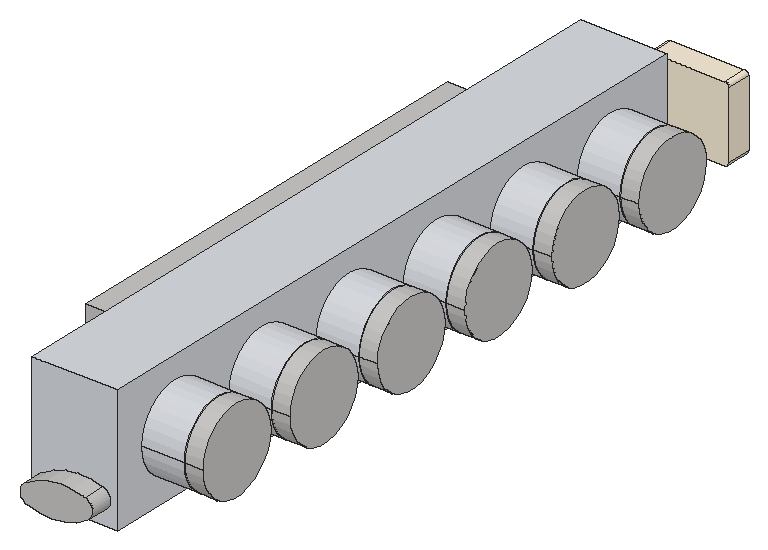
Revit family "HVAC_Ductwork_Airzone_Motorized-Plenum_Fujitsu_Standard_6-Dampers", category Mechanical Equipment, Revit 2016
Family settings
  Part Type = Normal
  Round Connector Dimension = Use Diameter
  OmniClass Number = 23.75.70.14
  OmniClass Title = Air Ductwork
  Work Plane-Based = No
  Always vertical = Yes
  Cut with Voids When Loaded = No
  Shared = No
  Room Calculation Point = No
Parameters (values of type "FUJST01M6")
  Voltage = 230 V
  URL = "www.airzone.es"
  Type Image Comments = "Image available in product documentation download"  # constant formula
  Revit Model Version = "1.0"  # constant formula
  Revit Model Author URL = "www.a3d.es"
  Revit Model Author = "A3D Consulting"  # constant formula
  Product Documentation Download URL = "http://doc.airzone.es/BIM/Easyzone/Fujitsu-Airzone_motorized_plenum.zip"
  Product Comments = "Refer to technical documentation for further details"  # constant formula
  Power Factor = 1
  Neck Width = 1079.500 mm
  Neck Length = 95.000 mm
  Neck Height = 198.600 mm
  Material = Metal - AIRZONE - Galvanized Sheet - Semi-polished
  Main Control Board Material = Plastic - AIRZONE - Smooth - Off-white
  Load Classification = Other
  Insulated Body Width = 205.000 mm  # constant formula
  Insulated Body Material = Metal -AIRZONE - Insulating Lining -Aluminum Finish
  Insulated Body Length = 1638.600 mm  # constant formula
  Insulated Body Height = 300.000 mm  # constant formula
  Flow [instance] = Damper 6 Air Flow + Damper 5 Air Flow + Damper 4 Air Flow + Damper 3 Air Flow + Damper 2 Air Flow + Damper 1 Air Flow - Fresh Air Inlet 2 Flow - Fresh Air Inlet 1 Flow  # 1800 m³/h
  Fresh Air Inlet 1 Flow [instance] = 0 m³/h
  Fresh Air Inlet 2 Flow [instance] = 0 m³/h
  Fresh Air Inlet Connection Width = 175.000 mm
  Fresh Air Inlet Connection Height = 75.000 mm
  Model = "FUJST01M6"
  Neck Side Offset = 279.600 mm
  Neck Bottom Offset = 58.200 mm
  Type Image = <None>
  Manufacturer = "AIRZONE"  # constant formula
  Main Control Board Depth = 57.000 mm  # constant formula
  Main Control Board Width = 195.000 mm  # constant formula
  Main Control Board Height = 180.000 mm  # constant formula
  Fixing = ""
  Disclaimer = "All information provided in this model is reviewed before being published. However, Airzone cannot guarantee this model is error-free, therefore users are strongly encouraged to check for technical documentation and updates"  # constant formula
  Description = "Airzone standard motorized plenum with neck that mechanically adapts to the main ducted AC units of Fujitsu."
  Type Comments = ""
  Dampers Length = 149.000 mm  # constant formula
  Dampers Diameter = 200.000 mm  # constant formula
  Damper 6 Air Flow [instance] = 300 m³/h
  Damper 5 Air Flow [instance] = 300 m³/h
  Damper 4 Air Flow [instance] = 300 m³/h
  Damper 1 Air Flow [instance] = 300 m³/h
  Damper 2 Air Flow [instance] = 300 m³/h
  Damper 3 Air Flow [instance] = 300 m³/h
  Fresh Air Inlet Connection Offset Height = 48.305 mm  # constant formula
  Compatible Accesories = ""
  Apparent Load = 57.5 VA
Types (4, lengths in mm): name | Neck Width | Neck Height | Model | Neck Side Offset | Neck Bottom Offset
  FUJST03L6 | 1165.600 | 220.600 | "FUJST03L6" | 301.500 | 46.200
  FUJST03M6 | 765.600 | 220.600 | "FUJST03M6" | 501.500 | 46.200
  FUJST01L6 | 1079.500 | 198.600 | "FUJST01L6" | 279.600 | 58.200
  FUJST01M6 | 1079.500 | 198.600 | "FUJST01M6" | 279.600 | 58.200
Reference planes
  plane 1 "Center (Front/Back)": y = 0
  plane 2 "Center (Elevation)": z = 0
  plane 3 "Center (Left/Right)": x = 0
  plane 4 "Neck Back": y = 539.75
  plane 5 "Neck Front": y = -539.75
  plane 6 "Neck Top": z = 99.3
  plane 7 "Neck Bottom": z = -99.3
  plane 8 "Left": x = 95
  plane 9 "Bottom": z = -157.5
  plane 10 "Top": z = 142.5
  plane 11 "Front": y = -819.25
  plane 12 "Back": y = 819.35
  plane 13 "Right": x = 300
  plane 14 "Dampers Front": x = 449
  plane 15 "Dampers Center (Elevation)": z = -7.5
  plane 16 "Damper3": y = 130.05
  plane 17 "Damper2": y = 390.05
  plane 18 "Damper1": y = 650.05
  plane 19 "Middle": y = 0.05
  plane 20 "FreshAir Center (Elevation)": z = -109.195
  plane 21 "FreshAir1": y = 871.85
  plane 22 "FreshAir2": y = -871.75
  plane 23 "Dampers Lining": x = 404
  plane 24 "FreshAir Vertical Axis": x = 195.83
  plane 25 "ConnectionBox Side": x = 254
  plane 26 "Main Control Board Center (Left/Right)": x = 351.5
  plane 27 "Damper4": y = -129.95
  plane 28 "Damper5": y = -389.95
  plane 29 "Damper6": y = -649.95
Forms (mm)
  Extrusion 1, solid, material "Metal - AIRZONE - Galvanized Sheet - Semi-polished" <- "Material"
    sketch origin (0, 0, 0) x (0, 1, 0) y (0, 0, 1)
      loop
        line (-539.75, 99.3) -> (-539.75, -99.3) -> (539.75, -99.3) -> (539.75, 99.3) -> (-539.75, 99.3)
    from 0 to 95
  Extrusion 2, solid, material "Metal -AIRZONE - Insulating Lining -Aluminum Finish" <- "Insulated Body Material"
    sketch origin (95, 0, 0) x (0, 1, 0) y (0, 0, 1)
      loop
        line (-819.25, 142.5) -> (-819.25, -157.5) -> (819.35, -157.5) -> (819.35, 142.5) -> (-819.25, 142.5)
    from 0 to 205
  Extrusion 3, solid, material "Metal - AIRZONE - Galvanized Sheet - Semi-polished" <- "Material"
    sketch origin (300, 0, 0) x (0, 1, 0) y (0, 0, 1)
      loop
        circle (130.05, -7.5) r 100
    from 104 to 149
  Extrusion 4, solid, material "Metal - AIRZONE - Galvanized Sheet - Semi-polished" <- "Material"
    sketch origin (300, 0, 0) x (0, 1, 0) y (0, 0, 1)
      loop
        circle (390.05, -7.5) r 100
    from 104 to 149
  Extrusion 5, solid, material "Metal - AIRZONE - Galvanized Sheet - Semi-polished" <- "Material"
    sketch origin (300, 0, 0) x (0, 1, 0) y (0, 0, 1)
      loop
        circle (650.05, -7.5) r 100
    from 104 to 149
  Extrusion 6, solid, material "Metal - AIRZONE - Galvanized Sheet - Semi-polished" <- "Material"
    sketch origin (0, -819.25, 0) x (0, 0, 1) y (1, 0, 0)
      loop
        arc (-76.641, 265.204) -> (-98.108, 282.105) -> (-122.812, 270.434) r 25.96
        arc (-122.812, 270.434) -> (-148.802, 200.598) -> (-141.349, 126.456) r 164.67
        arc (-141.349, 126.456) -> (-120.165, 109.589) -> (-95.494, 120.751) r 25.96
        arc (-95.494, 120.751) -> (-69.225, 190.78) -> (-76.641, 265.204) r 164.67
    from 0 to -52.5
  Extrusion 7, solid, material "Metal - AIRZONE - Galvanized Sheet - Semi-polished" <- "Material"
    sketch origin (0, 819.35, 0) x (0, 0, 1) y (1, 0, 0)
      loop
        arc (-76.641, 265.204) -> (-97.825, 282.071) -> (-122.496, 270.909) r 25.96
        arc (-122.496, 270.909) -> (-148.679, 201.53) -> (-141.767, 127.699) r 164.67
        arc (-141.767, 127.699) -> (-120.532, 109.637) -> (-95.178, 121.226) r 25.96
        arc (-95.178, 121.226) -> (-69.188, 191.062) -> (-76.641, 265.204) r 164.67
    from 0 to 52.5
  Extrusion 8, solid, material "Metal -AIRZONE - Insulating Lining -Aluminum Finish" <- "Insulated Body Material"
    sketch origin (300, 0, 0) x (0, 1, 0) y (0, 0, 1)
      loop
        circle (650.05, -7.5) r 100
    from 0 to 104
  Extrusion 9, solid, material "Metal -AIRZONE - Insulating Lining -Aluminum Finish" <- "Insulated Body Material"
    sketch origin (300, -260, 0) x (0, 1, 0) y (0, 0, 1)
      loop
        circle (650.05, -7.5) r 100
    from 0 to 104
  Extrusion 10, solid, material "Metal -AIRZONE - Insulating Lining -Aluminum Finish" <- "Insulated Body Material"
    sketch origin (300, -520, 0) x (0, 1, 0) y (0, 0, 1)
      loop
        circle (650.05, -7.5) r 100
    from 0 to 104
  Extrusion 11, solid, material "Metal - AIRZONE - Galvanized Sheet - Semi-polished" <- "Material"
    sketch origin (300, -190, 0) x (0, 1, 0) y (0, 0, 1)
      loop
        circle (60.05, -7.5) r 100
    from 104 to 149
  Extrusion 12, solid, material "Metal -AIRZONE - Insulating Lining -Aluminum Finish" <- "Insulated Body Material"
    sketch origin (300, -710, 0) x (0, 1, 0) y (0, 0, 1)
      loop
        circle (580.05, -7.5) r 100
    from 0 to 104
  Extrusion 13, solid, material "Metal -AIRZONE - Insulating Lining -Aluminum Finish" <- "Insulated Body Material"
    sketch origin (300, -970, 0) x (0, 1, 0) y (0, 0, 1)
      loop
        circle (580.05, -7.5) r 100
    from 0 to 104
  Extrusion 14, solid, material "Metal - AIRZONE - Galvanized Sheet - Semi-polished" <- "Material"
    sketch origin (300, -450, 0) x (0, 1, 0) y (0, 0, 1)
      loop
        circle (60.05, -7.5) r 100
    from 104 to 149
  Extrusion 15, solid, material "Metal -AIRZONE - Insulating Lining -Aluminum Finish" <- "Insulated Body Material"
    sketch origin (300, -1230, 0) x (0, 1, 0) y (0, 0, 1)
      loop
        circle (580.05, -7.5) r 100
    from 0 to 104
  Extrusion 16, solid, material "Metal - AIRZONE - Galvanized Sheet - Semi-polished" <- "Material"
    sketch origin (300, -710, 0) x (0, 1, 0) y (0, 0, 1)
      loop
        circle (60.05, -7.5) r 100
    from 104 to 149
Lines and regions (mm)
  Masking region 1
    outline origin (0, 0, 0) x (1, 0, 0) y (0, 1, 0)
      loop
        line (95, 819.35) -> (95, -819.25) -> (300, -819.25) -> (300, 819.35) -> (95, 819.35)
  Masking region 2, detail levels medium+fine
    outline origin (0, 0, 0) x (1, 0, 0) y (0, 1, 0)
      loop
        line (0, 539.75) -> (0, -539.75) -> (95, -539.75) -> (95, 539.75) -> (0, 539.75)
  Masking region 3, detail levels medium+fine
    outline origin (0, 0, 0) x (1, 0, 0) y (0, 1, 0)
      loop
        line (300, 230.05) -> (300, 30.05) -> (449, 30.05) -> (449, 230.05) -> (300, 230.05)
  Masking region 4, detail levels medium+fine
    outline origin (0, 260, 0) x (1, 0, 0) y (0, 1, 0)
      loop
        line (300, 230.05) -> (300, 30.05) -> (449, 30.05) -> (449, 230.05) -> (300, 230.05)
  Masking region 5, detail levels medium+fine
    outline origin (0, 520, 0) x (1, 0, 0) y (0, 1, 0)
      loop
        line (300, 230.05) -> (300, 30.05) -> (449, 30.05) -> (449, 230.05) -> (300, 230.05)
  Masking region 6, detail levels medium+fine
    outline origin (0, 0, -109.195) x (1, 0, 0) y (0, 1, 0)
      loop
        line (108.33, 871.85) -> (108.33, 819.35) -> (283.33, 819.35) -> (283.33, 871.85) -> (108.33, 871.85)
  Masking region 7, detail levels medium+fine
    outline origin (0, 0, -109.195) x (1, 0, 0) y (0, 1, 0)
      loop
        line (108.33, -819.25) -> (108.33, -871.75) -> (283.33, -871.75) -> (283.33, -819.25) -> (108.33, -819.25)
  Masking region 8, detail levels medium+fine
    outline origin (0, 0, 142.5) x (0, -1, 0) y (1, 0, 0)
      loop
        line (-876.35, 254) -> (-819.35, 254) -> (-819.35, 449) -> (-876.35, 449) -> (-876.35, 254)
  Masking region 9, detail levels medium+fine
    outline origin (0, -190, 0) x (1, 0, 0) y (0, 1, 0)
      loop
        line (300, 160.05) -> (300, -39.95) -> (449, -39.95) -> (449, 160.05) -> (300, 160.05)
  Masking region 10, detail levels medium+fine
    outline origin (0, -450, 0) x (1, 0, 0) y (0, 1, 0)
      loop
        line (300, 160.05) -> (300, -39.95) -> (449, -39.95) -> (449, 160.05) -> (300, 160.05)
  Masking region 11, detail levels medium+fine
    outline origin (0, -710, 0) x (1, 0, 0) y (0, 1, 0)
      loop
        line (300, 160.05) -> (300, -39.95) -> (449, -39.95) -> (449, 160.05) -> (300, 160.05)
  symbolic lines, detail levels coarse
    curve 1: line (95, -819.25, 0) -> (300, 130.05, 0)
    curve 2: line (300, 130.05, 0) -> (95, 819.35, 0)
Dimensions and locks
  equal spacing: plane 4 "Neck Back", plane 1 "Center (Front/Back)", plane 5 "Neck Front"
  "Neck Width": plane 4 "Neck Back" to plane 5 "Neck Front"
  equal spacing: plane 6 "Neck Top", level, plane 7 "Neck Bottom"
  "Neck Height": plane 6 "Neck Top" to plane 7 "Neck Bottom"
  "Neck Length": plane 3 "Center (Left/Right)" to plane 8 "Left"
  "Neck Bottom Offset": plane 7 "Neck Bottom" to plane 9 "Bottom"
  "Insulated Body Height": plane 10 "Top" to plane 9 "Bottom"
  "Insulated Body Length": plane 12 "Back" to plane 11 "Front"
  "Insulated Body Width": plane 8 "Left" to plane 13 "Right"
  "Dampers Length": plane 13 "Right" to plane 14 "Dampers Front"
  equal spacing: plane 10 "Top", plane 15 "Dampers Center (Elevation)", plane 9 "Bottom"
  equal spacing: plane 12 "Back", plane 19 "Middle", plane 11 "Front"
  plane 8 "Left" to plane 13 "Right" = 205.000 mm
  "Fresh Air Inlet Connection Offset Height": plane 20 "FreshAir Center (Elevation)" to plane 9 "Bottom"
  locked: Extrusion 6 sketch curve to plane 9 "Bottom" at 56.47
  locked: plane 13 "Right" to Extrusion 6 sketch curve at 43.69
  locked: plane 13 "Right" to Extrusion 6 sketch curve at 164.65
  locked: Extrusion 6 sketch curve to plane 9 "Bottom" at 40.54
  locked: plane 13 "Right" to Extrusion 6 sketch curve at 87.91
  locked: plane 9 "Bottom" to Extrusion 6 sketch curve at 75.01
  locked: plane 13 "Right" to Extrusion 6 sketch curve at 120.43
  locked: Extrusion 6 sketch curve to plane 9 "Bottom" at 172.02
  locked: plane 13 "Right" to Extrusion 7 sketch curve at 43.69
  locked: Extrusion 7 sketch curve to plane 9 "Bottom" at 56.47
  locked: Extrusion 7 sketch curve to plane 9 "Bottom" at 40.54
  locked: plane 13 "Right" to Extrusion 7 sketch curve at 164.65
  locked: plane 13 "Right" to Extrusion 7 sketch curve at 120.43
  locked: Extrusion 7 sketch curve to plane 9 "Bottom" at 172.02
  locked: plane 9 "Bottom" to Extrusion 7 sketch curve at 75.01
  locked: plane 13 "Right" to Extrusion 7 sketch curve at 87.91
  "Neck Side Offset": plane 12 "Back" to plane 4 "Neck Back"
  locked: plane 21 "FreshAir1" to plane 12 "Back" at 52.5
  plane 11 "Front" to plane 22 "FreshAir2" = 52.500 mm
  locked: connector elem to plane 13 "Right" at 104.17
  locked: plane 20 "FreshAir Center (Elevation)" to connector elem
  locked: plane 13 "Right" to connector elem at 104.17
  locked: connector elem to plane 20 "FreshAir Center (Elevation)"
  locked: plane 23 "Dampers Lining" to plane 14 "Dampers Front" at 45
  locked: plane 24 "FreshAir Vertical Axis" to plane 13 "Right" at 104.17
  equal spacing: Masking region 3 sketch curve, plane 16 "Damper3", Masking region 3 sketch curve
  "Dampers Diameter": Masking region 3 sketch curve to Masking region 3 sketch curve
  "Dampers Diameter": Masking region 4 sketch curve to Masking region 4 sketch curve
  equal spacing: Masking region 5 sketch curve, plane 18 "Damper1", Masking region 5 sketch curve
  "Dampers Diameter": Masking region 5 sketch curve to Masking region 5 sketch curve
  equal spacing: Masking region 6 sketch curve, plane 24 "FreshAir Vertical Axis", Masking region 6 sketch curve
  "Fresh Air Inlet Connection Width": Masking region 6 sketch curve to Masking region 6 sketch curve
  equal spacing: Masking region 7 sketch curve, plane 24 "FreshAir Vertical Axis", Masking region 7 sketch curve
  "Fresh Air Inlet Connection Width": Masking region 7 sketch curve to Masking region 7 sketch curve
  "Main Control Board Depth": Masking region 8 sketch curve to plane 12 "Back"
  "Main Control Board Width": plane 25 "ConnectionBox Side" to plane 14 "Dampers Front"
  equal spacing: plane 25 "ConnectionBox Side", plane 26 "Main Control Board Center (Left/Right)", plane 14 "Dampers Front"
  locked: nested 1 to plane 10 "Top" at 10
  equal spacing: Masking region 4 sketch curve, plane 17 "Damper2", Masking region 4 sketch curve
  equal spacing: Masking region 9 sketch curve, plane 27 "Damper4", Masking region 9 sketch curve
  "Dampers Diameter": Masking region 9 sketch curve to Masking region 9 sketch curve
  plane 18 "Damper1" to plane 17 "Damper2" to plane 16 "Damper3" to plane 27 "Damper4" to plane 28 "Damper5" to plane 29 "Damper6" = 260.000 mm locked, 260.000 mm locked, 260.000 mm locked, 260.000 mm locked, 260.000 mm locked
  locked: plane 16 "Damper3" to plane 19 "Middle" at 130
  equal spacing: Masking region 10 sketch curve, plane 28 "Damper5", Masking region 10 sketch curve
  "Dampers Diameter": Masking region 10 sketch curve to Masking region 10 sketch curve
  equal spacing: Masking region 11 sketch curve, plane 29 "Damper6", Masking region 11 sketch curve
  "Dampers Diameter": Masking region 11 sketch curve to Masking region 11 sketch curve
  "Dampers Diameter": diameter of Extrusion 3 sketch curve
  "Dampers Diameter": diameter of Extrusion 4 sketch curve
  "Dampers Diameter": diameter of Extrusion 5 sketch curve
  radius of Extrusion 7 sketch curve = 164.670 mm  (x2)
  radius of Extrusion 7 sketch curve = 25.960 mm  (x2)
  radius of Extrusion 6 sketch curve = 164.670 mm  (x2)
  radius of Extrusion 6 sketch curve = 25.960 mm  (x2)
  "Dampers Diameter": diameter of Extrusion 8 sketch curve
  "Dampers Diameter": diameter of Extrusion 9 sketch curve
  "Dampers Diameter": diameter of Extrusion 10 sketch curve
  "Dampers Diameter": diameter of Extrusion 11 sketch curve
  "Dampers Diameter": diameter of Extrusion 12 sketch curve
  "Dampers Diameter": diameter of Extrusion 13 sketch curve
  "Dampers Diameter": diameter of Extrusion 14 sketch curve
  "Dampers Diameter": diameter of Extrusion 15 sketch curve
  "Dampers Diameter": diameter of Extrusion 16 sketch curve
  aligned and locked: level to plane 2 "Center (Elevation)"
  aligned and locked: plane 5 "Neck Front" to Extrusion 1 sketch curve
  aligned and locked: Extrusion 1 sketch curve to plane 6 "Neck Top"
  aligned and locked: Extrusion 1 sketch curve to plane 4 "Neck Back"
  aligned and locked: plane 7 "Neck Bottom" to Extrusion 1 sketch curve
  aligned and locked: Extrusion 1 to plane 3 "Center (Left/Right)"
  aligned and locked: Extrusion 2 sketch curve to plane 10 "Top"
  aligned and locked: Extrusion 2 sketch curve to plane 12 "Back"
  aligned and locked: Extrusion 2 sketch curve to plane 9 "Bottom"
  aligned and locked: plane 11 "Front" to Extrusion 2 sketch curve
  aligned and locked: Extrusion 2 to plane 13 "Right"
  aligned and locked: Extrusion 2 to plane 8 "Left"
  aligned and locked: plane 16 "Damper3" to Extrusion 3 sketch curve
  aligned and locked: plane 15 "Dampers Center (Elevation)" to Extrusion 3 sketch curve
  aligned and locked: plane 15 "Dampers Center (Elevation)" to Extrusion 4 sketch curve
  aligned and locked: plane 18 "Damper1" to Extrusion 5 sketch curve
  aligned and locked: plane 15 "Dampers Center (Elevation)" to Extrusion 5 sketch curve
  aligned and locked: plane 14 "Dampers Front" to Extrusion 5
  aligned and locked: plane 14 "Dampers Front" to Extrusion 4
  aligned and locked: plane 14 "Dampers Front" to Extrusion 3
  aligned and locked: plane 8 "Left" to Extrusion 1
  aligned and locked: plane 22 "FreshAir2" to Extrusion 6
  aligned and locked: plane 21 "FreshAir1" to Extrusion 7
  aligned and locked: Extrusion 7 to plane 12 "Back"
  aligned and locked: plane 11 "Front" to Extrusion 6
  aligned and locked: Extrusion 5 to plane 23 "Dampers Lining"
  aligned and locked: Extrusion 5 to Extrusion 4
  aligned and locked: Extrusion 4 to Extrusion 3
  aligned and locked: plane 23 "Dampers Lining" to Extrusion 8
  aligned and locked: Extrusion 10 to plane 13 "Right"
  aligned and locked: plane 23 "Dampers Lining" to Extrusion 10
  aligned and locked: Extrusion 9 to plane 13 "Right"
  aligned and locked: plane 23 "Dampers Lining" to Extrusion 9
  aligned and locked: Extrusion 8 to plane 13 "Right"
  aligned and locked: Extrusion 9 to Extrusion 8
  aligned and locked: plane 18 "Damper1" to Extrusion 8 sketch curve
  aligned and locked: plane 15 "Dampers Center (Elevation)" to Extrusion 8 sketch curve
  aligned and locked: plane 15 "Dampers Center (Elevation)" to Extrusion 9 sketch curve
  aligned and locked: plane 16 "Damper3" to Extrusion 10 sketch curve
  aligned and locked: plane 15 "Dampers Center (Elevation)" to Extrusion 10 sketch curve
  aligned and locked: Masking region 1 sketch curve to plane 12 "Back"
  aligned and locked: Masking region 1 sketch curve to plane 8 "Left"
  aligned and locked: Masking region 1 sketch curve to plane 13 "Right"
  aligned and locked: plane 11 "Front" to Masking region 1 sketch curve
  aligned and locked: plane 5 "Neck Front" to Masking region 2 sketch curve
  aligned and locked: plane 3 "Center (Left/Right)" to Masking region 2 sketch curve
  aligned and locked: Masking region 2 sketch curve to plane 4 "Neck Back"
  aligned and locked: Masking region 2 sketch curve to plane 8 "Left"
  aligned and locked: plane 13 "Right" to Masking region 3 sketch curve
  aligned and locked: Masking region 3 sketch curve to plane 14 "Dampers Front"
  aligned and locked: plane 13 "Right" to Masking region 4 sketch curve
  aligned and locked: Masking region 4 sketch curve to plane 14 "Dampers Front"
  aligned and locked: plane 13 "Right" to Masking region 5 sketch curve
  aligned and locked: Masking region 5 sketch curve to plane 14 "Dampers Front"
  aligned and locked: plane 12 "Back" to Masking region 6 sketch curve
  aligned and locked: Masking region 6 sketch curve to plane 21 "FreshAir1"
  aligned and locked: Masking region 7 sketch curve to plane 11 "Front"
  aligned and locked: Masking region 7 sketch curve to plane 22 "FreshAir2"
  aligned and locked: plane 12 "Back" to Masking region 8 sketch curve
  aligned and locked: Masking region 8 sketch curve to plane 14 "Dampers Front"
  aligned and locked: plane 25 "ConnectionBox Side" to Masking region 8 sketch curve
  aligned and locked: plane 17 "Damper2" to Extrusion 9 sketch curve
  aligned and locked: plane 17 "Damper2" to Extrusion 4 sketch curve
  aligned and locked: Masking region 9 sketch curve to plane 14 "Dampers Front"
  aligned and locked: plane 13 "Right" to Masking region 9 sketch curve
  aligned and locked: Extrusion 12 to plane 13 "Right"
  aligned and locked: plane 23 "Dampers Lining" to Extrusion 12
  aligned and locked: Extrusion 11 to plane 23 "Dampers Lining"
  aligned and locked: plane 14 "Dampers Front" to Extrusion 11
  aligned and locked: plane 15 "Dampers Center (Elevation)" to Extrusion 12 sketch curve
  aligned and locked: plane 27 "Damper4" to Extrusion 12 sketch curve
  aligned and locked: plane 15 "Dampers Center (Elevation)" to Extrusion 11 sketch curve
  aligned and locked: plane 27 "Damper4" to Extrusion 11 sketch curve
  aligned and locked: Masking region 10 sketch curve to plane 14 "Dampers Front"
  aligned and locked: plane 13 "Right" to Masking region 10 sketch curve
  aligned and locked: plane 28 "Damper5" to Extrusion 13 sketch curve
  aligned and locked: plane 15 "Dampers Center (Elevation)" to Extrusion 13 sketch curve
  aligned and locked: Extrusion 14 to plane 23 "Dampers Lining"
  aligned and locked: plane 14 "Dampers Front" to Extrusion 14
  aligned and locked: plane 15 "Dampers Center (Elevation)" to Extrusion 14 sketch curve
  aligned and locked: plane 28 "Damper5" to Extrusion 14 sketch curve
  aligned and locked: Masking region 11 sketch curve to plane 14 "Dampers Front"
  aligned and locked: plane 13 "Right" to Masking region 11 sketch curve
  aligned and locked: Extrusion 15 to plane 13 "Right"
  aligned and locked: plane 23 "Dampers Lining" to Extrusion 15
  aligned and locked: plane 29 "Damper6" to Extrusion 15 sketch curve
  aligned and locked: plane 15 "Dampers Center (Elevation)" to Extrusion 15 sketch curve
  aligned and locked: plane 14 "Dampers Front" to Extrusion 16
  aligned and locked: Extrusion 16 to plane 23 "Dampers Lining"
  aligned and locked: plane 15 "Dampers Center (Elevation)" to Extrusion 16 sketch curve
  aligned and locked: plane 29 "Damper6" to Extrusion 16 sketch curve
  aligned and locked: nested 1 to plane 26 "Main Control Board Center (Left/Right)"
Automatic sketch dimensions
  curve 2 to plane 8 "Left" = 0.000 mm
  curve 1 to plane 8 "Left" = 0.000 mm
  curve 2 to plane 13 "Right" = 0.000 mm
  curve 1 to plane 11 "Front" = 0.000 mm
  curve 2 to plane 16 "Damper3" = 0.000 mm
  curve 2 to plane 12 "Back" = 0.000 mm
Nested families
  nested 1: "Airzone_Main-Control-Board" at (351.5, 819.35, 42.5) x (-1, 0, 0) z (0, 1, 0), Extrusion <- "Main Control Board Depth", Height <- "Main Control Board Height", Width <- "Main Control Board Width", Material <- "Main Control Board Material", type "Standard"
    with Width 195.000 mm, Material Plastic - AIRZONE - Smooth - Off-white, Height 180.000 mm, Extrusion 57.000 mm
Connectors
  hvac at (449, 130.05, -7.5), driven by "Damper 3 Air Flow", driven by "Dampers Diameter"
    settings: on Extrusion 3, index 1, duct flow 300 m³/h, flow factor 0, pres drop 0.0 Pa, loss coef 0, conn angle 0.00°, conn width 304.8 mm, conn height 304.8 mm, conn diameter 200 mm, duct sys type 1, conn prof type 0, flow config 0, flow direction 2, loss method 0, conn ref index -1, conn util no, is conn primary no, conn desc "Supply Air Out 3"
  hvac at (449, 390.05, -7.5), driven by "Damper 2 Air Flow", driven by "Dampers Diameter"
    settings: on Extrusion 4, index 2, duct flow 300 m³/h, flow factor 0, pres drop 0.0 Pa, loss coef 0, conn angle 0.00°, conn width 304.8 mm, conn height 304.8 mm, conn diameter 200 mm, duct sys type 1, conn prof type 0, flow config 0, flow direction 2, loss method 0, conn ref index -1, conn util no, is conn primary no, conn desc "Supply Air Out 2"
  hvac at (449, 650.05, -7.5), driven by "Damper 1 Air Flow", driven by "Dampers Diameter"
    settings: on Extrusion 5, index 3, duct flow 300 m³/h, flow factor 0, pres drop 0.0 Pa, loss coef 0, conn angle 0.00°, conn width 304.8 mm, conn height 304.8 mm, conn diameter 200 mm, duct sys type 1, conn prof type 0, flow config 0, flow direction 2, loss method 0, conn ref index -1, conn util no, is conn primary no, conn desc "Supply Air Out 1"
  hvac at (0, 0, 0), driven by "Flow", driven by "Neck Height", driven by "Neck Width"
    settings: on Extrusion 1, index 6, duct flow 1800 m³/h, flow factor 0, pres drop 0.0 Pa, loss coef 0, conn angle 0.00°, conn width 1079.5 mm, conn height 198.6 mm, conn diameter 609.6 mm, duct sys type 1, conn prof type 1, flow config 1, flow direction 1, loss method 0, conn ref index -1, conn util no, is conn primary yes, conn desc "Supply Air In"
  hvac at (195.83, -871.75, -109.195), driven by "Fresh Air Inlet 2 Flow", driven by "Fresh Air Inlet Connection Width", driven by "Fresh Air Inlet Connection Height"
    settings: index 7, duct flow 0 m³/h, flow factor 0, pres drop 0.0 Pa, loss coef 0, conn angle 0.00°, conn width 175 mm, conn height 75 mm, conn diameter 609.6 mm, duct sys type 1, conn prof type 2, flow config 1, flow direction 1, loss method 0, conn ref index -1, conn util no, is conn primary no, conn desc "Fresh Air In 2"
  hvac at (195.83, 871.85, -109.195), driven by "Fresh Air Inlet 1 Flow", driven by "Fresh Air Inlet Connection Height", driven by "Fresh Air Inlet Connection Width"
    settings: index 8, duct flow 0 m³/h, flow factor 0, pres drop 0.0 Pa, loss coef 0, conn angle 0.00°, conn width 175 mm, conn height 75 mm, conn diameter 609.6 mm, duct sys type 1, conn prof type 2, flow config 1, flow direction 1, loss method 0, conn ref index -1, conn util no, is conn primary no, conn desc "Fresh Air In 1"
  hvac at (449, -129.95, -7.5), driven by "Damper 4 Air Flow", driven by "Dampers Diameter"
    settings: on Extrusion 11, index 9, duct flow 300 m³/h, flow factor 0, pres drop 0.0 Pa, loss coef 0, conn angle 0.00°, conn width 304.8 mm, conn height 304.8 mm, conn diameter 200 mm, duct sys type 1, conn prof type 0, flow config 0, flow direction 2, loss method 0, conn ref index -1, conn util no, is conn primary no, conn desc "Supply Air Out 4"
  hvac at (449, -389.95, -7.5), driven by "Damper 5 Air Flow", driven by "Dampers Diameter"
    settings: on Extrusion 14, index 10, duct flow 300 m³/h, flow factor 0, pres drop 0.0 Pa, loss coef 0, conn angle 0.00°, conn width 304.8 mm, conn height 304.8 mm, conn diameter 200 mm, duct sys type 1, conn prof type 0, flow config 0, flow direction 2, loss method 0, conn ref index -1, conn util no, is conn primary no, conn desc "Supply Air Out 5"
  hvac at (449, -649.95, -7.5), driven by "Damper 6 Air Flow", driven by "Dampers Diameter"
    settings: on Extrusion 16, index 11, duct flow 300 m³/h, flow factor 0, pres drop 0.0 Pa, loss coef 0, conn angle 0.00°, conn width 304.8 mm, conn height 304.8 mm, conn diameter 200 mm, duct sys type 1, conn prof type 0, flow config 0, flow direction 2, loss method 0, conn ref index -1, conn util no, is conn primary no, conn desc "Supply Air Out 6"
  electrical at (351.5, 876.35, 42.5), driven by "Load Classification", driven by "Voltage", driven by "Apparent Load", driven by "Power Factor"
    settings: on nested 1, index 12, voltage 230 V, apparent load 57.5 VA, apparent load phase1 0 VA, apparent load phase2 0 VA, apparent load phase3 0 VA, power factor 1, load classification "Other", number of poles 1, system type 30, power factor state 1, is connector primary yes, connector utility no, sub classification motor no, connector description "Power Supply"
Definition of nested family "Airzone_Main-Control-Board"
  Parameters (values of type "Standard")
    Width [instance] = 195.000 mm
    URL = "www.airzone.es"
    Revit Model Version = "1.0"  # constant formula
    Revit Model Author URL = "www.a3d.es"
    Revit Model Author = "A3D Consulting"  # constant formula
    Material [instance] = none
    Manufacturer = "AIRZONE"  # constant formula
    Height [instance] = 180.000 mm
    Extrusion [instance] = 57.000 mm
    Default Elevation = 0.000 mm
  Reference planes
    plane 1 "Center (Front/Back)": y = 0
    plane 2: z = 0
    plane 3 "Center (Left/Right)": x = 0
    plane 4: y = 90
    plane 5: y = -90
    plane 6: x = 97.5
    plane 7: x = -97.5
  Forms (mm)
    Extrusion 1, solid, material <- "Material"
      sketch origin (0, 0, 0) x (1, 0, 0) y (0, 1, 0)
        loop
          arc (-87.5, 90) -> (-94.571, 87.071) -> (-97.5, 80) r 10
          line (-97.5, 80) -> (-97.5, -80)
          arc (-97.5, -80) -> (-94.571, -87.071) -> (-87.5, -90) r 10
          line (-87.5, -90) -> (87.5, -90)
          arc (87.5, -90) -> (94.571, -87.071) -> (97.5, -80) r 10
          line (97.5, -80) -> (97.5, 80)
          arc (97.5, 80) -> (94.571, 87.071) -> (87.5, 90) r 10
          line (87.5, 90) -> (-87.5, 90)
      from 0 to 57 <- "Extrusion"
  Dimensions and locks
    equal spacing: plane 7, plane 3 "Center (Left/Right)", plane 6
    equal spacing: plane 4, plane 1 "Center (Front/Back)", plane 5
    "Width": plane 7 to plane 6
    "Height": plane 4 to plane 5
    radius of Extrusion 1 sketch curve = 10.000 mm  (x4)
    aligned and locked: level to plane 2
    aligned and locked: plane 5 to Extrusion 1 sketch curve
    aligned and locked: Extrusion 1 sketch curve to plane 6
    aligned and locked: Extrusion 1 sketch curve to plane 4
    aligned and locked: plane 7 to Extrusion 1 sketch curve
